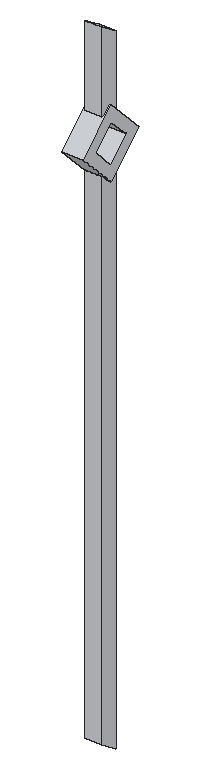
Revit family "M_Balaústre - Personalizado3", category Balaústres, Revit 2019
Family settings
  Número OmniClass = 23.30.80.11.11.14
  Título OmniClass = Posts, Newel Posts, Pickets
  ID de item do Seek = Baluster - Custom3-0000-CAN-ENU
  Sempre na vertical = Sim
  Corte com vazios quando carregada = Não
  Compartilhado = Não
Parameters (values of type "20mm")
  built-in parameter 1008623 [instance] = 32.47°
  built-in parameter 1008625 [instance] = (empty or 0)
  Post = no
  built-in parameter 1008624 [instance] = 32.47°
  Largura = 20 mm
  t1 = Largura + 5.999 mm  # 25.999 mm
  Material de balaústre = none
  built-in parameter 1008622 [instance] = 762 mm
Types (3, lengths in mm): name | Largura | t1
  (no name) | 20 | 25.999
  25mm | 25 | 30.999
  20mm | 20 | 25.999
Reference planes
  plane 1 "Centro F/T": y = 0
  plane 2: z = 0
  plane 3 "Centro E/D": x = 0
  plane 4 "Superior": z = 762
  plane 5 "Corte do ângulo superior": through (0, 345.134, 542.379) normal (0, -0.5369, -0.8437)
  plane 6: z = 862
  plane 7: z = 609.6
  plane 8: z = 673.1
  plane 9: z = 641.35
  plane 10: x = -13
  plane 11: x = 13
  plane 12: z = -100
  plane 13: y = 50
  plane 14: x = 50
  plane 15: y = -50
  plane 16: x = -50
  plane 17 "Corte ângulo inferior": through (0, 0, 0) normal (0, -0.5369, -0.8437)
Forms (mm)
  Extrusion 1, solid, material <- "Material de balaústre"
    sketch origin (0, 0, 0) x (1, 0, 0) y (0, 1, 0)
      loop
        line (-10, 10) -> (-10, -10) -> (10, -10) -> (10, 10) -> (-10, 10)
    from 673.1 to 862
  Extrusion 2, void
    sketch origin (0, 0, 0) x (0, 1, 0) y (0, 0, 1)
      loop
        line (-50, 862) -> (-50, 793.817) -> (50, 730.183) -> (50, 862) -> (-50, 862)
    from -50 to 50
  Extrusion 3, solid, material <- "Material de balaústre"
    sketch origin (0, 0, 0) x (1, 0, 0) y (0, 1, 0)
      loop
        line (-10, 10) -> (-10, -10) -> (10, -10) -> (10, 10) -> (-10, 10)
    from -100 to 609.6
  Extrusion 4, solid, material <- "Material de balaústre"
    sketch origin (0, 0, 0) x (0, 1, 0) y (0, 0, 1)
      loop
        line (0, 682.625) -> (-41.275, 641.35) -> (0, 600.075) -> (41.275, 641.35) -> (0, 682.625)
      loop
        line (0, 664.664) -> (-23.314, 641.35) -> (0, 618.036) -> (23.314, 641.35) -> (0, 664.664)
    from -13 to 13
  Extrusion 5, void
    sketch origin (0, 0, 0) x (0, 1, 0) y (0, 0, 1)
      loop
        line (50, -31.817) -> (-50, 31.817) -> (-50, -100) -> (50, -100) -> (50, -31.817)
    from -50 to 50
Cuts and joins
  Extrusion 2, Extrusion 5 cuts Extrusion 1
  Extrusion 5 cuts Extrusion 3
  Extrusion 5 cuts Extrusion 4
Dimensions and locks
  "built-in parameter 1008622": plane 2 to plane 4 "Superior"
  locked: plane 4 "Superior" to plane 6 at 100
  equal spacing: Extrusion 1 sketch curve, plane 3 "Centro E/D", Extrusion 1 sketch curve
  equal spacing: Extrusion 1 sketch curve, plane 1 "Centro F/T", Extrusion 1 sketch curve
  "Largura": Extrusion 1 sketch curve to Extrusion 1 sketch curve  (x2)
  "Largura": Extrusion 3 sketch curve to Extrusion 3 sketch curve  (x2)
  locked: plane 7 to plane 8 at 63.5
  equal spacing: plane 7, plane 9, plane 8
  equal spacing: Extrusion 3 sketch curve, plane 3 "Centro E/D", Extrusion 3 sketch curve
  equal spacing: Extrusion 3 sketch curve, plane 1 "Centro F/T", Extrusion 3 sketch curve
  "t1": plane 10 to plane 11
  equal spacing: plane 10, plane 3 "Centro E/D", plane 11
  locked: level to plane 12 at 100
  locked: plane 7 to plane 4 "Superior" at 152.4
  locked: plane 16 to plane 3 "Centro E/D" at 50
  locked: plane 3 "Centro E/D" to plane 14 at 50
  locked: plane 1 "Centro F/T" to plane 13 at 50
  locked: plane 15 to plane 1 "Centro F/T" at 50
  "built-in parameter 1008623": angle plane 4 "Superior" to plane 5 "Corte do ângulo superior"
  "built-in parameter 1008624": angle level to plane 17 "Corte ângulo inferior"
  aligned and locked: Extrusion 1 to plane 6
  aligned and locked: Extrusion 3 to plane 7
  aligned and locked: plane 8 to Extrusion 1
  aligned and locked: Extrusion 4 to plane 10
  aligned and locked: Extrusion 4 to plane 11
  aligned and locked: Extrusion 2 to plane 16
  aligned and locked: Extrusion 2 to plane 14
  aligned and locked: plane 6 to Extrusion 2 sketch curve
  aligned and locked: plane 13 to Extrusion 2 sketch curve
  aligned and locked: plane 15 to Extrusion 2 sketch curve
  aligned and locked: Extrusion 2 sketch curve to plane 5 "Corte do ângulo superior"
  aligned and locked: plane 12 to Extrusion 3
  aligned and locked: Extrusion 5 sketch curve to plane 12
  aligned and locked: plane 13 to Extrusion 5 sketch curve
  aligned and locked: Extrusion 5 sketch curve to plane 15
  aligned and locked: plane 17 "Corte ângulo inferior" to Extrusion 5 sketch curve
  aligned and locked: Extrusion 5 to plane 16
  aligned and locked: Extrusion 5 to plane 14
Automatic sketch dimensions
  Extrusion 4 sketch curve to plane 9 = 0 mm  (x2)
  Extrusion 4 sketch curve to plane 1 "Centro F/T" = 0 mm  (x3)
  Extrusion 4 sketch curve to plane 7 = 8.436 mm
  plane 1 "Centro F/T" to Extrusion 4 sketch curve = 0 mm
  plane 9 to Extrusion 4 sketch curve = 0 mm  (x2)
  Extrusion 4 sketch curve to Extrusion 4 sketch curve = 17.961 mm
